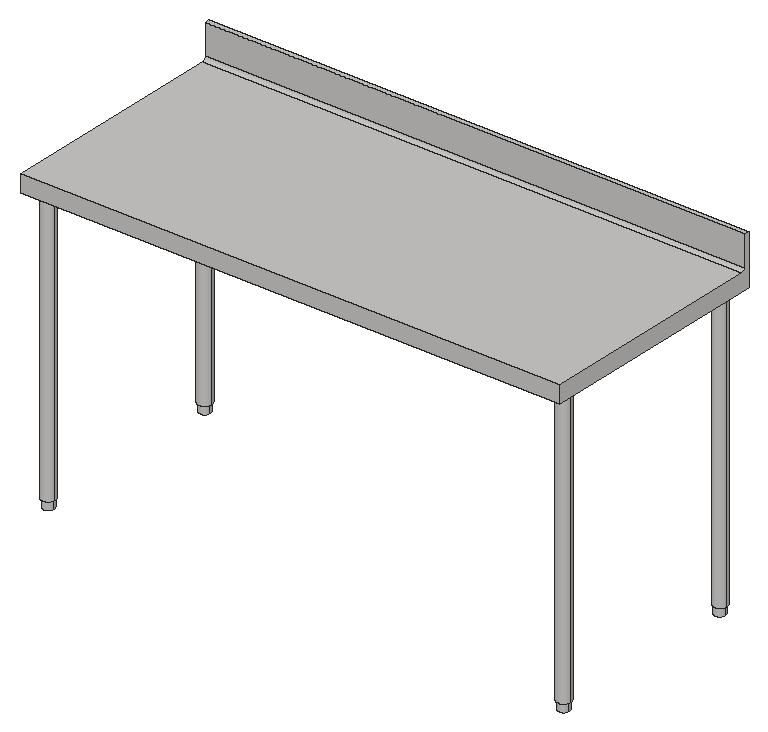
Revit family "QF_ELECTROLUXPROFESSIONAL_133057_TG1610EN", category Attrezzature speciali, Revit 2020
Family settings
  Quota connettore circolare = Usa diametro
  Tipo di parte = Normale
  Basato su piano di lavoro = No
  Sempre verticale = Sì
  Taglio con vuoti quando caricato = No
  Condiviso = No
  Punto di calcolo locali = No
Parameters (values of type "Standard")
  Weight = 50.00 kg
  Watts = 0 W
  Volts = 0 V
  URL Manufacturer = "https://www.electroluxprofessional.com/"
  URL = "https://www.electroluxprofessional.com/"
  Steam Supply Size = 0 mm
  Steam Supply Minimum Pressure = 0.0 Pa
  Steam Supply Maximum Pressure = 0.0 Pa
  Steam Consumption per Hour = 0
  Refrigeration Suction Line Size = 0.0 mm
  Refrigeration Liquid Line Size = 0.0 mm
  Refrigerant Compressor Remote = yes
  Prospetto di default = 0.0 mm
  Produttore = "Electrolux Professional"
  Phase = 0
  Modello = "TG1610EN"
  Length Actual = 1600.0 mm  # constant formula
  Item Number = "133057"
  Hot Water Size = 0 mm
  Height Actual = 900.0 mm  # constant formula
  HP = "0 HP"
  Gas Size = 0 mm
  Gas KW = 0
  Gas Input Pressure = 0 W
  Direct Waste Size = 0 mm
  Descrizione = "WORK TABLE WITH UPSTAND 1600 MM"
  Depth Actual = 700.0 mm  # constant formula
  Cycle = 0 Hz
  Condensate Return Size = 0 mm
  Compressed Air Volume = 0.0 L/s
  Compressed Air Size = 0 mm
  Compressed Air Pressure = 0.0 Pa
  Cold Water Size = 0 mm
  Accessory = yes
Reference planes
  plane 1 "Center (Front/Back)": y = 0
  plane 2: z = 0
  plane 3 "Center (Left/Right)": x = -300
  plane 4 "LEFT": x = -1100
  plane 5 "RIGHT": x = 500
  plane 6 "BACK": y = 350
  plane 7 "FRONT": y = -350
  plane 8 "Base": z = 850
  plane 9 "TOP": z = 900
  plane 10: x = -1064.5
  plane 11: x = 464.5
  plane 12: y = 290
  plane 13: y = -290
Forms (mm)
  Extrusion 1, solid, material "QF_Finishes_Stainless Steel"
    sketch origin (-300, 0, 0) x (0, 1, 0) y (0, 0, 1)
      loop
        line (-350, 850) -> (350, 850) -> (350, 1000) -> (337, 1000) -> (337, 910)
        arc (337, 910) -> (334.071, 902.929) -> (327, 900) r 10
        line (327, 900) -> (-350, 900) -> (-350, 850)
    from 800 to -800
Lines and regions (mm)
  symbolic lines
    curve 1: line (500, 350, 900) -> (-1100, 350, 900)
    curve 2: line (-1100, 350, 900) -> (-1100, -350, 900)
    curve 3: line (-1100, -350, 900) -> (500, -350, 900)
    curve 4: line (500, -350, 900) -> (500, 350, 900)
    curve 5: line (500, 337, 900) -> (-1100, 337, 900)
Dimensions and locks
  plane 4 "LEFT" to plane 5 "RIGHT" = 1600.0 mm
  equal spacing: plane 4 "LEFT", plane 3 "Center (Left/Right)", plane 5 "RIGHT"
  locked: plane 8 "Base" to level at 850
  plane 4 "LEFT" to plane 10 = 35.5 mm
  plane 11 to plane 5 "RIGHT" = 35.5 mm
  plane 10 to plane 11 = 1529.0 mm
  locked: Extrusion 1 to level at 1000
  plane 9 "TOP" to level = 900.0 mm
  plane 6 "BACK" to plane 12 = 60.0 mm
  plane 13 to plane 7 "FRONT" = 60.0 mm
  plane 6 "BACK" to plane 7 "FRONT" = 700.0 mm
  plane 12 to plane 13 = 580.0 mm
  equal spacing: plane 6 "BACK", plane 1 "Center (Front/Back)", plane 7 "FRONT"
  aligned and locked: level to plane 2
  aligned and locked: plane 10 to nested 1
  aligned and locked: nested 1 to plane 13
  aligned and locked: plane 11 to nested 2
  aligned and locked: nested 2 to plane 13
  aligned and locked: plane 11 to nested 4
  aligned and locked: nested 4 to plane 12
  aligned and locked: plane 10 to nested 3
  aligned and locked: nested 3 to plane 12
  aligned and locked: Extrusion 1 to plane 4 "LEFT"
  aligned and locked: plane 5 "RIGHT" to Extrusion 1
  aligned and locked: curve 2 to plane 4 "LEFT"
Automatic sketch dimensions
  Extrusion 1 sketch curve to plane 7 "FRONT" = 0.0 mm
  Extrusion 1 sketch curve to plane 9 "TOP" = 0.0 mm
  Extrusion 1 sketch curve to plane 6 "BACK" = 0.0 mm
  Extrusion 1 sketch curve to plane 8 "Base" = 0.0 mm
  plane 9 "TOP" to Extrusion 1 sketch curve = 10.0 mm
  Extrusion 1 sketch curve to plane 6 "BACK" = 13.0 mm
  Extrusion 1 sketch curve to Extrusion 1 sketch curve = 90.0 mm
  curve 3 to plane 7 "FRONT" = 0.0 mm
  curve 5 to plane 5 "RIGHT" = 0.0 mm
  curve 4 to plane 6 "BACK" = 0.0 mm
  curve 5 to plane 6 "BACK" = 13.0 mm
Nested families
  nested 1: "FEET_D40" at (-1064.5, -290, 0), type "FEET_D40"
  nested 2: "FEET_D40" at (464.5, -290, 0), type "FEET_D40"
  nested 3: "FEET_D40" at (-1064.5, 290, 0), type "FEET_D40"
  nested 4: "FEET_D40" at (464.5, 290, 0), type "FEET_D40"
Definition of nested family "FEET_D40"
  Parameters
    Default Elevation = 0.0 mm
    FEET = 850.0 mm
  Reference planes
    plane 1 "Center (Front/Back)": y = 0
    plane 2: z = 0
    plane 3 "Center (Left/Right)": x = 0
    plane 4: z = 850
  Forms (mm)
    Extrusion 1, solid
      sketch origin (0, 0, 0) x (1, 0, 0) y (0, 1, 0)
        loop
          circle (0, 0.002) r 20
      from 25 to 845
    Extrusion 2, solid
      sketch origin (0, 0, 0) x (1, 0, 0) y (0, 1, 0)
        loop
          circle (0, 0) r 16
      from 0 to 25
    Extrusion 3, solid
      sketch origin (0, 0, 0) x (1, 0, 0) y (0, 1, 0)
        loop
          circle (0, 0.002) r 30
      from 845 to 850
  Lines and regions (mm)
    symbolic lines
      curve 1: line (0, -1.503, 0) -> (0, 1.508, 0)
      curve 2: line (1.561, 0, 0) -> (-1.439, 0, 0)
  Dimensions and locks
    "FEET": plane 4 to plane 2
    aligned and locked: level to plane 2
  Automatic sketch dimensions
    plane 1 "Center (Front/Back)" to Extrusion 2 sketch curve = 0.0 mm
    Extrusion 2 sketch curve to plane 3 "Center (Left/Right)" = 0.0 mm
    plane 1 "Center (Front/Back)" to curve 2 = 0.0 mm
    curve 1 to plane 3 "Center (Left/Right)" = 0.0 mm
    curve 2 to plane 3 "Center (Left/Right)" = 1.439 mm
    plane 3 "Center (Left/Right)" to curve 2 = 1.561 mm
    plane 1 "Center (Front/Back)" to curve 1 = 1.503 mm
    curve 1 to plane 1 "Center (Front/Back)" = 1.508 mm
    Extrusion 1 sketch curve to plane 3 "Center (Left/Right)" = 0.0 mm
    Extrusion 1 sketch curve to plane 1 "Center (Front/Back)" = 0.002 mm
    Extrusion 3 sketch curve to plane 3 "Center (Left/Right)" = 0.0 mm
    Extrusion 3 sketch curve to plane 1 "Center (Front/Back)" = 0.002 mm
    radius of Extrusion 2 sketch curve = 16.0 mm
    radius of Extrusion 1 sketch curve = 20.0 mm
    radius of Extrusion 3 sketch curve = 30.0 mm
